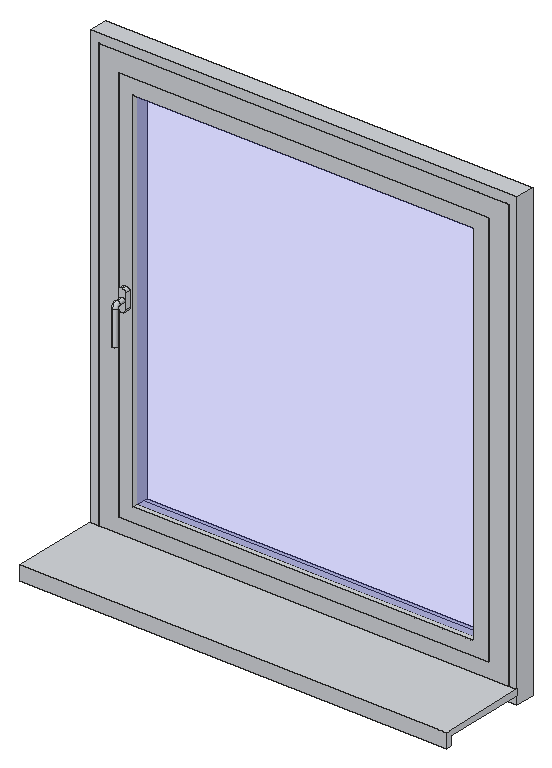
Revit family "AVLN_Окно_1 створка", category Окна, Revit 2021
Family settings
  Основа = Стена
  Номер OmniClass = 23.30.20.00
  Заголовок OmniClass = Windows
  Всегда вертикально = Да
  При загрузке вырезать с полостями = Нет
  Общий = Нет
  Точка принадлежности помещению = Нет
Parameters (values of type "Для копирования!")
  Ширина рамы = 70 mm
  Ширина импоста = 50 mm
  Четверть слева/справа = 50 mm
  Четверть низ = 0 mm  # constant formula
  Четверть верх = 50 mm
  Створка_толщина = 25 mm  # constant formula
  Толщина основы [instance] = 200 mm
  Створка_ширина = Width - Монтажный зазор_Снизу * 2 - Ширина рамы * 2  # 1300 mm
  Створка_профиль = 50 mm
  Створка_высота = Height - Монтажный зазор_Снизу * 2 - Ширина рамы * 2  # 1400 mm
  Определить тепловые свойства по = Тип схем
  Створка 01 = АВЛН_Створка открывная : Створка повороно-откидная правая
  Rough Width = Width - Монтажный зазор_Снизу * 2  # 1440 mm
  Rough Height = Height - Монтажный зазор_Снизу * 2  # 1540 mm
  Подстановочный профиль_Ширина = 20 mm  # constant formula
  Подстановочный профиль_Толщина = 60 mm
  Подоконник_Толщина = 20 mm
  Подоконник_Длина = Width  # 1500 mm
  Подоконник_Глубина = 280 mm
  Подоконник = yes
  Монтажный зазор_Справа = 30 mm
  Монтажный зазор_Слева = 30 mm
  Монтажный зазор_Сверху = 30 mm
  Глубина вставки = 0 mm
  Отлив_Толщина = 1 mm  # constant formula
  Отлив_Длина = Width - [Четверть слева/справа] * 2  # 1400 mm
  Отлив_Глубина = 280 mm
  Отлив = no
  Откос_Н.Ширина = Width - 2 * [Четверть слева/справа]  # 1400 mm
  Откос_Н.Толщина.8 = 32 mm
  Откос_Н.Толщина.7 = 28 mm
  Откос_Н.Толщина.6 = 24 mm
  Откос_Н.Толщина.5 = 20 mm
  Откос_Н.Толщина.4 = 16 mm
  Откос_Н.Толщина.3 = 12 mm
  Откос_Н.Толщина.2 = 8 mm
  Откос_Н.Толщина.1 = 4 mm
  Откос_Н.Отступ_П = 0 mm  # constant formula
  Откос_Н.Отступ_Л = 0 mm  # constant formula
  Откос_Н.Количество слоев = 0
  Откос_Н.Глубина = 150 mm
  Откос_Н.Высота = Height - Четверть верх - Четверть низ  # 1550 mm
  Откос_В.Толщина.8 = 32 mm
  Откос_В.Толщина.7 = 28 mm
  Откос_В.Толщина.6 = 24 mm
  Откос_В.Толщина.5 = 20 mm
  Откос_В.Толщина.4 = 16 mm
  Откос_В.Толщина.3 = 12 mm
  Откос_В.Толщина.2 = 8 mm
  Откос_В.Толщина.1 = 4 mm
  Откос_В.Отступ_П [instance] = Монтажный зазор_Снизу + Подоконник_Толщина  # 50 mm
  Откос_В.Отступ_Л [instance] = Монтажный зазор_Снизу + Подоконник_Толщина  # 50 mm
  Откос_В.Количество слоев = 0
  Откос_В.Глубина [instance] = Толщина основы - Глубина вставки - Ширина рамы  # 130 mm
  Монтажный зазор_Снизу = 30 mm
  М.Подоконник = none
  М.Отлив = none
  М.Откос_Н.8 = none
  М.Откос_Н.7 = none
  М.Откос_Н.6 = none
  М.Откос_Н.5 = none
  М.Откос_Н.4 = none
  М.Откос_Н.3 = none
  М.Откос_Н.2 = none
  М.Откос_Н.1 = ADSK_Полимеры_ Поливинилхлорид_(ПВХ) белый
  М.Откос_В.8 = none
  М.Откос_В.7 = none
  М.Откос_В.6 = none
  М.Откос_В.5 = none
  М.Откос_В.4 = none
  М.Откос_В.3 = none
  М.Откос_В.2 = none
  М.Откос_В.1 = ADSK_Полимеры_ Поливинилхлорид_(ПВХ) белый
  М.Монтажного зазора = none
  М.Стекла = Стекло
  М.Рамы = none
  М.Подоконный профиль = none
  Type Comments = ""
  Height = 1600 mm
  Высота подоконника по умолчанию = 800 mm
  Замыкание стены = По основе
  Width = 1500 mm
  Аналитическая конструкция = "<Нет>"
  АВЛН_Проем_Ширина [instance] = Width  # 1500 mm
  АВЛН_Проем_Высота [instance] = Height  # 1600 mm
  ADSK_Этаж [instance] = ""
  ADSK_Размер_Ширина = Width  # 1500 mm
  ADSK_Размер_Высота = Height  # 1600 mm
  ADSK_Примечание [instance] = ""
  ADSK_Площадь = Height * Width  # 2.40 m²
  ADSK_Обозначение = ""
  ADSK_Номер секции [instance] = ""
  ADSK_Наименование = ""
  ADSK_Марка = ""
  ADSK_Группирование = ""
  -----------Разрезка----------- = "-----------"  # constant formula
  -----------Профили----------- = "-----------"  # constant formula
  -----------Подоконник----------- = "-----------"  # constant formula
  -----------Отлив----------- = "-----------"  # constant formula
  -----------Откос----------- = "-----------"  # constant formula
  -----------Основные габариты----------- = "-----------"  # constant formula
  -----------Вставка----------- = "-----------"  # constant formula
Reference planes
  plane 1 "По центру (Вперед/Назад)": y = 0
  plane 2 "По центру (Влево/Вправо)": x = 0
  plane 3 "Слева": x = -750
  plane 4 "Справа": x = 750
  plane 5 "Подоконник": z = 800
  plane 6 "Заголовок": z = 2400
  plane 7 "Наружный": y = 100
  plane 8 "Внутренние": y = -100
  plane 9 "Окно": y = 100
  plane 10: x = 720
  plane 11: z = 2370
  plane 12: x = -720
  plane 13: z = 830
  plane 14: x = 700
  plane 15: x = -700
  plane 16: z = 1600
  plane 17: y = 600
  plane 18: y = -400
  plane 19: z = 2350
  plane 20 "Чет. низ": z = 800
  plane 21 "Внутряння грань": y = 30
  plane 22: y = 80
  plane 23: z = 900
  plane 24: z = 2300
  plane 25: x = -650
  plane 26: x = 650
  plane 27 "9": x = 0
Forms (mm)
  Extrusion 1, void
    sketch origin (0, 100, 0) x (1, 0, 0) y (0, 0, 1)
      loop
        line (700, 2350) -> (-700, 2350) -> (-700, 800) -> (700, 800) -> (700, 2350)
    from -500 to 20
  Extrusion 2, void
    sketch origin (0, 100, 0) x (1, 0, 0) y (0, 0, 1)
      loop
        line (750, 2400) -> (-750, 2400) -> (-750, 800) -> (750, 800) -> (750, 2400)
    from 0 to 500
  Extrusion 3, solid, material <- "М.Монтажного зазора", detail levels medium+fine
    sketch origin (0, 100, 0) x (1, 0, 0) y (0, 0, 1)
      loop
        line (750, 2400) -> (-750, 2400) -> (-750, 800) -> (750, 800) -> (750, 2400)
      loop
        line (-720, 2370) -> (-720, 830) -> (720, 830) -> (720, 2370) -> (-720, 2370)
    from 0 to 70
  Extrusion 4, solid, material <- "М.Рамы", detail levels medium+fine
    sketch origin (0, 100, 0) x (-1, 0, 0) y (0, 0, 1)
      loop
        line (-720, 2370) -> (-720, 830) -> (720, 830) -> (720, 2370) -> (-720, 2370)
      loop
        line (-650, 2300) -> (-650, 900) -> (650, 900) -> (650, 2300) -> (-650, 2300)
    from -70 to 0
Text (mm)
  text "EXTERIOR" at (-1963.203, 1332.353, 0), in view "Опорный уровень"
  text "INTERIOR" at (-1981.466, -818.386, 0), in view "Опорный уровень"
  text "Наружный" at (0, 923.751, 2943.296), in view "Справа"
  text "Наружный" at (0, 1240.237, 2685.409), in view "Слева"
Dimensions and locks
  equal spacing: plane 3 "Слева", plane 2 "По центру (Влево/Вправо)", plane 4 "Справа"
  "Width": plane 3 "Слева" to plane 4 "Справа"
  "Height": plane 5 "Подоконник" to plane 6 "Заголовок"
  "Высота подоконника по умолчанию": plane 5 "Подоконник" to level
  locked: plane 7 "Наружный" to host wall
  locked: plane 8 "Внутренние" to host wall
  "Глубина вставки": plane 9 "Окно" to plane 7 "Наружный"
  "Монтажный зазор_Справа": plane 10 to plane 4 "Справа"
  "Монтажный зазор_Слева": plane 3 "Слева" to plane 12
  "Монтажный зазор_Сверху": plane 11 to plane 6 "Заголовок"
  "Монтажный зазор_Снизу": plane 5 "Подоконник" to plane 13
  "Четверть слева/справа": plane 14 to plane 4 "Справа"
  "Четверть слева/справа": plane 3 "Слева" to plane 15
  equal spacing: plane 5 "Подоконник", plane 16, plane 6 "Заголовок"
  locked: plane 7 "Наружный" to plane 17 at 500
  locked: plane 18 to plane 8 "Внутренние" at 300
  "Четверть верх": plane 19 to plane 6 "Заголовок"
  "Четверть низ": plane 5 "Подоконник" to plane 20 "Чет. низ"
  "Ширина рамы": plane 9 "Окно" to plane 21 "Внутряння грань"
  "Толщина основы": host wall to host wall
  locked: plane 22 to plane 21 "Внутряння грань" at 50
  "Ширина рамы": plane 26 to plane 10
  "Ширина рамы": plane 12 to plane 25
  "Ширина рамы": plane 13 to plane 23
  "Ширина рамы": plane 24 to plane 11
  equal spacing: plane 3 "Слева", plane 27 "9", plane 4 "Справа"
  aligned and locked: Extrusion 1 sketch curve to plane 14
  aligned and locked: plane 15 to Extrusion 1 sketch curve
  aligned and locked: plane 17 to Extrusion 1
  aligned and locked: Extrusion 2 sketch curve to plane 6 "Заголовок"
  aligned and locked: Extrusion 2 sketch curve to plane 4 "Справа"
  aligned and locked: plane 5 "Подоконник" to Extrusion 2 sketch curve
  aligned and locked: plane 3 "Слева" to Extrusion 2 sketch curve
  aligned and locked: plane 9 "Окно" to Extrusion 2
  aligned and locked: Extrusion 2 to plane 18
  aligned and locked: Extrusion 1 sketch curve to plane 19
  aligned and locked: plane 20 "Чет. низ" to Extrusion 1 sketch curve
  aligned and locked: plane 9 "Окно" to nested 1
  aligned and locked: plane 2 "По центру (Влево/Вправо)" to nested 1
  aligned and locked: nested 2 to plane 21 "Внутряння грань"
  aligned and locked: nested 2 to plane 2 "По центру (Влево/Вправо)"
  aligned and locked: nested 3 to plane 2 "По центру (Влево/Вправо)"
  aligned and locked: plane 8 "Внутренние" to nested 3
  aligned and locked: nested 4 to plane 9 "Окно"
  aligned and locked: Extrusion 3 sketch curve to plane 6 "Заголовок"
  aligned and locked: Extrusion 3 sketch curve to plane 4 "Справа"
  aligned and locked: Extrusion 3 sketch curve to nested 2  (x2)
  aligned and locked: Extrusion 3 sketch curve to plane 11
  aligned and locked: Extrusion 3 sketch curve to plane 12
  aligned and locked: Extrusion 3 sketch curve to plane 13
  aligned and locked: plane 10 to Extrusion 3 sketch curve
  aligned and locked: Extrusion 3 to nested 2
  aligned and locked: plane 12 to Extrusion 4 sketch curve
  aligned and locked: plane 13 to Extrusion 4 sketch curve
  aligned and locked: Extrusion 4 sketch curve to plane 24
  aligned and locked: Extrusion 4 sketch curve to plane 11
  aligned and locked: plane 20 "Чет. низ" to nested 4
  aligned and locked: nested 4 to plane 2 "По центру (Влево/Вправо)"
  aligned and locked: plane 9 "Окно" to Extrusion 3
  aligned and locked: Extrusion 4 to plane 21 "Внутряння грань"
  aligned and locked: plane 9 "Окно" to Extrusion 4
  aligned and locked: Extrusion 1 to plane 22
  aligned and locked: Extrusion 4 sketch curve to plane 10
  aligned and locked: Extrusion 4 sketch curve to plane 26
  aligned and locked: plane 23 to Extrusion 4
  aligned and locked: plane 16 to nested 5
  aligned and locked: plane 27 "9" to nested 5
Automatic sketch dimensions
  plane 25 to Extrusion 4 sketch curve = 0 mm
  Extrusion 4 sketch curve to plane 23 = 0 mm
Nested families
  nested 1: "Отлив" at (0, 100, 800) x (-1, 0, 0) z (0, 0, 1), Глубина отлива <- "Отлив_Глубина", Длина отлива <- "Отлив_Длина", ТО <- "Отлив_Толщина", Ш_МЗЗ <- "Монтажный зазор_Снизу", Ш_ПП <- "Подстановочный профиль_Ширина", ADSK_Группирование <- "ADSK_Группирование", ADSK_Номер секции <- "ADSK_Номер секции", ADSK_Этаж <- "ADSK_Этаж", visible <- "Отлив", М <- "М.Отлив", type "Отлив", detail levels fine
    with Ш_ПП 20 mm, Ш_МЗЗ 30 mm, ТО 1 mm, М none, Длина отлива 1400 mm, Глубина отлива 280 mm, ADSK_Этаж "", ADSK_Примечание "", ADSK_Обозначение "", ADSK_Номер секции "", ADSK_Наименование "", ADSK_Марка "", ADSK_Группирование ""
  nested 2: "Подоконник" at (0, 30, 800), Глубина подоконника <- "Подоконник_Глубина", Длина отлива <- "Подоконник_Длина", ТП <- "Подоконник_Толщина", Ш_МЗЗ <- "Монтажный зазор_Снизу", Ш_ПП <- "Подстановочный профиль_Ширина", ADSK_Группирование <- "ADSK_Группирование", ADSK_Номер секции <- "ADSK_Номер секции", ADSK_Этаж <- "ADSK_Этаж", visible <- "Подоконник", М <- "М.Подоконник", type "Подоконник", detail levels fine
    with Ш_ПП 20 mm, Ш_МЗЗ 30 mm, ТП 20 mm, М none, Длина отлива 1500 mm, Глубина подоконника 280 mm, ADSK_Этаж "", ADSK_Примечание "", ADSK_Обозначение "", ADSK_Номер секции "", ADSK_Наименование "", ADSK_Марка "", ADSK_Группирование ""
  nested 3: "AVLN_Откосы_R19" at (0, -100, 0), Глубина <- "Откос_В.Глубина", Высота от уровня <- "Высота подоконника по умолчанию", ADSK_Группирование <- "Type Comments", ADSK_Этаж <- "ADSK_Этаж", ADSK_Номер секции <- "ADSK_Номер секции", Материал_1 <- "М.Откос_В.1", Материал_2 <- "М.Откос_В.2", Материал_3 <- "М.Откос_В.3", Материал_4 <- "М.Откос_В.4", Материал_5 <- "М.Откос_В.5", Материал_6 <- "М.Откос_В.6", Материал_7 <- "М.Откос_В.7", Материал_8 <- "М.Откос_В.8", Толщина_1 <- "Откос_В.Толщина.1", Толщина_2 <- "Откос_В.Толщина.2", Толщина_3 <- "Откос_В.Толщина.3", Толщина_4 <- "Откос_В.Толщина.4", Толщина_5 <- "Откос_В.Толщина.5", Толщина_6 <- "Откос_В.Толщина.6", Толщина_7 <- "Откос_В.Толщина.7", Толщина_8 <- "Откос_В.Толщина.8", Количество слоев <- "Откос_В.Количество слоев", Отступ_Л <- "Откос_В.Отступ_Л", Отступ_П <- "Откос_В.Отступ_П", Высота <- "Height", Ширина <- "Width", type "AVLN_Откосы_R19"
    with Ширина_8 1276 mm, Ширина_7 1332 mm, Ширина_6 1380 mm, Ширина_5 1420 mm, Ширина_4 1452 mm, Ширина_3 1476 mm, Ширина_2 1492 mm, Ширина 1500 mm, Толщина_8 32 mm, Толщина_7 28 mm, Толщина_6 24 mm, Толщина_5 20 mm, Толщина_4 16 mm, Толщина_3 12 mm, Толщина_2 8 mm, Толщина_1 4 mm, Отступ_П 50 mm, Отступ_Л 50 mm, Материал_8 none, Материал_7 none, Материал_6 none, Материал_5 none, Материал_4 none, Материал_3 none, Материал_2 none, Материал_1 ADSK_Полимеры_ Поливинилхлорид_(ПВХ) белый, Количество слоев 0, Глубина 130 mm, Высота_8 1488 mm, Высота_7 1516 mm, Высота_6 1540 mm, Высота_5 1560 mm, Высота_4 1576 mm, Высота_3 1588 mm, Высота_2 1596 mm, Высота от уровня 800 mm, Высота 1600 mm, Видимость_8 no, Видимость_7 no, Видимость_6 no, Видимость_5 no, Видимость_4 no, Видимость_3 no, Видимость_2 no, Видимость_1 no, ADSK_Этаж "", ADSK_Номер секции "", ADSK_Группирование ""
  nested 4: "AVLN_Откосы_R19" at (0, 100, 0), Ширина <- "Откос_Н.Ширина", Глубина <- "Откос_Н.Глубина", Высота <- "Откос_Н.Высота", Высота от уровня <- "Высота подоконника по умолчанию", ADSK_Группирование <- "Type Comments", ADSK_Этаж <- "ADSK_Этаж", ADSK_Номер секции <- "ADSK_Номер секции", Материал_1 <- "М.Откос_Н.1", Материал_2 <- "М.Откос_Н.2", Материал_3 <- "М.Откос_Н.3", Материал_4 <- "М.Откос_Н.4", Материал_5 <- "М.Откос_Н.5", Материал_6 <- "М.Откос_Н.6", Материал_7 <- "М.Откос_Н.7", Материал_8 <- "М.Откос_Н.8", Толщина_1 <- "Откос_Н.Толщина.1", Толщина_2 <- "Откос_Н.Толщина.2", Толщина_3 <- "Откос_Н.Толщина.3", Толщина_4 <- "Откос_Н.Толщина.4", Толщина_5 <- "Откос_Н.Толщина.5", Толщина_6 <- "Откос_Н.Толщина.6", Толщина_7 <- "Откос_Н.Толщина.7", Толщина_8 <- "Откос_Н.Толщина.8", Количество слоев <- "Откос_Н.Количество слоев", Отступ_Л <- "Откос_Н.Отступ_Л", Отступ_П <- "Откос_Н.Отступ_П", type "AVLN_Откосы_R19"
    with Ширина_8 1176 mm, Ширина_7 1232 mm, Ширина_6 1280 mm, Ширина_5 1320 mm, Ширина_4 1352 mm, Ширина_3 1376 mm, Ширина_2 1392 mm, Ширина 1400 mm, Толщина_8 32 mm, Толщина_7 28 mm, Толщина_6 24 mm, Толщина_5 20 mm, Толщина_4 16 mm, Толщина_3 12 mm, Толщина_2 8 mm, Толщина_1 4 mm, Отступ_П 0 mm, Отступ_Л 0 mm, Материал_8 none, Материал_7 none, Материал_6 none, Материал_5 none, Материал_4 none, Материал_3 none, Материал_2 none, Материал_1 ADSK_Полимеры_ Поливинилхлорид_(ПВХ) белый, Количество слоев 0, Глубина 150 mm, Высота_8 1438 mm, Высота_7 1466 mm, Высота_6 1490 mm, Высота_5 1510 mm, Высота_4 1526 mm, Высота_3 1538 mm, Высота_2 1546 mm, Высота от уровня 800 mm, Высота 1550 mm, Видимость_8 no, Видимость_7 no, Видимость_6 no, Видимость_5 no, Видимость_4 no, Видимость_3 no, Видимость_2 no, Видимость_1 no, ADSK_Этаж "", ADSK_Номер секции "", ADSK_Группирование ""
  nested 5: "АВЛН_Створка открывная" at (0, 30, 1600) x (1, 0, 0) z (0, 1, 0), type <- "Створка 01", Створка высота <- "Створка_высота", Створка ширина <- "Створка_ширина", Ширина рамы <- "Створка_профиль", Материал_Ручки <- "М.Рамы", Материал_Рама <- "М.Рамы", Материал_Стеклопакет <- "М.Стекла", type "Створка повороно-откидная правая", detail levels medium+fine
    with Ширина рамы 50 mm, Створка ширина 1300 mm, Створка высота 1400 mm, Материал_Стеклопакет Стекло, Материал_Ручки none, Материал_Рама none, Height 1400 mm
Definition of nested family "Отлив"
  Parameters (values of type "Отлив")
    Ш_ПП [instance] = 50 mm
    Ш_МЗЗ [instance] = 35 mm
    ТО [instance] = 1 mm
    Default Elevation = 1219.2 mm
    М [instance] = none
    Длина отлива [instance] = 1560 mm
    Глубина отлива [instance] = 280 mm
    ADSK_Этаж [instance] = ""
    ADSK_Примечание [instance] = ""
    ADSK_Обозначение [instance] = ""
    ADSK_Номер секции [instance] = ""
    ADSK_Наименование [instance] = ""
    ADSK_Марка [instance] = ""
    ADSK_Группирование [instance] = ""
  Reference planes
    plane 1 "По центру (Вперед/Назад)": y = 0
    plane 2: z = 0
    plane 3 "По центру (Влево/Вправо)": x = 0
    plane 4: y = -280
    plane 5: x = -780
    plane 6: x = 780
    plane 7: z = 35
    plane 8: z = 85
    plane 9: y = -1
    plane 10: y = -300
    plane 11: y = -301
    plane 12: z = -35
    plane 13: z = 34
  Forms (mm)
    Extrusion 1, solid, material <- "М"
      sketch origin (0, 0, 0) x (0, 1, 0) y (0, 0, 1)
        loop
          line (0, 85) -> (-1, 85) -> (-1, 34.893) -> (-301, 0.893) -> (-301, -35) -> (-300, -35) -> (-300, 0) -> (0, 34) -> (0, 85)
      from -780 to 780
  Dimensions and locks
    equal spacing: plane 5, plane 3 "По центру (Влево/Вправо)", plane 6
    "Длина отлива": plane 5 to plane 6
    "Глубина отлива": plane 4 to plane 1 "По центру (Вперед/Назад)"
    "Ш_МЗЗ": plane 7 to level
    "Ш_ПП": plane 8 to plane 7
    "ТО": plane 1 "По центру (Вперед/Назад)" to plane 9
    "ТО": plane 10 to plane 11
    locked: level to plane 12 at 35
    "ТО": plane 7 to plane 13
    "ТО": Extrusion 1 sketch curve to Extrusion 1 sketch curve
    locked: plane 4 to plane 10 at 20
    aligned and locked: level to plane 2
    aligned and locked: plane 8 to Extrusion 1 sketch curve
    aligned and locked: plane 9 to Extrusion 1 sketch curve
    aligned and locked: plane 11 to Extrusion 1 sketch curve
    aligned and locked: plane 12 to Extrusion 1 sketch curve
    aligned and locked: plane 1 "По центру (Вперед/Назад)" to Extrusion 1 sketch curve  (x2)
    aligned and locked: plane 13 to Extrusion 1 sketch curve
    aligned and locked: level to Extrusion 1 sketch curve
    aligned and locked: plane 10 to Extrusion 1 sketch curve
    aligned and locked: plane 6 to Extrusion 1
    aligned and locked: Extrusion 1 to plane 5
Definition of nested family "Подоконник"
  Parameters (values of type "Подоконник")
    Ш_ПП [instance] = 50 mm
    Ш_МЗЗ [instance] = 35 mm
    ТП [instance] = 20 mm
    Default Elevation = 1219.2 mm
    М [instance] = none
    Длина отлива [instance] = 1560 mm
    Глубина подоконника [instance] = 280 mm
    ADSK_Этаж [instance] = ""
    ADSK_Примечание [instance] = ""
    ADSK_Обозначение [instance] = ""
    ADSK_Номер секции [instance] = ""
    ADSK_Наименование [instance] = ""
    ADSK_Марка [instance] = ""
    ADSK_Группирование [instance] = ""
  Reference planes
    plane 1 "По центру (Вперед/Назад)": y = 0
    plane 2: z = 0
    plane 3 "По центру (Влево/Вправо)": x = 0
    plane 4: y = -280
    plane 5: x = -780
    plane 6: x = 780
    plane 7: z = 35
    plane 8: z = 85
    plane 9: y = -20
    plane 10: y = -290
    plane 11: y = -310
    plane 12: z = -35
    plane 13: z = 15
    plane 14: z = 65
  Forms (mm)
    Extrusion 1, solid, material <- "М"
      sketch origin (0, 0, 0) x (0, 1, 0) y (0, 0, 1)
        loop
          line (0, 85) -> (-310, 85) -> (-310, 0) -> (-290, 0) -> (-290, 65) -> (0, 65) -> (0, 85)
      from -780 to 780
  Dimensions and locks
    equal spacing: plane 5, plane 3 "По центру (Влево/Вправо)", plane 6
    "Длина отлива": plane 5 to plane 6
    "Глубина подоконника": plane 4 to plane 1 "По центру (Вперед/Назад)"
    "Ш_МЗЗ": plane 7 to level
    "Ш_ПП": plane 8 to plane 7
    "ТП": plane 1 "По центру (Вперед/Назад)" to plane 9
    "ТП": plane 10 to plane 11
    locked: level to plane 12 at 35
    "ТП": plane 7 to plane 13
    locked: plane 4 to plane 10 at 10
    "ТП": plane 8 to plane 14
    aligned and locked: level to plane 2
    aligned and locked: plane 8 to Extrusion 1 sketch curve
    aligned and locked: plane 1 "По центру (Вперед/Назад)" to Extrusion 1 sketch curve
    aligned and locked: plane 10 to Extrusion 1 sketch curve
    aligned and locked: plane 11 to Extrusion 1 sketch curve
    aligned and locked: level to Extrusion 1 sketch curve
    aligned and locked: plane 14 to Extrusion 1 sketch curve
    aligned and locked: Extrusion 1 to plane 5
    aligned and locked: plane 6 to Extrusion 1
Definition of nested family "АВЛН_Створка открывная"
  Parameters (values of type "Створка повороно-откидная правая")
    Ширина рамы [instance] = 50 mm
    Width = 600 mm
    Створка ширина [instance] = 800 mm
    Створка высота [instance] = 700 mm
    Материал_Стеклопакет [instance] = none
    Поворотная Правая = yes
    Поворотная Левая = no
    Default Elevation = 1219.2 mm
    Открываная = yes
    Откидная = yes
    Материал_Ручки [instance] = none
    Материал_Рама [instance] = none
    Левая = yes
    Глухое = no
    Height = 1150 mm
    Analytic Construction = "<Нет>"
  Types (6, lengths in mm): name | Width | Поворотная Правая | Поворотная Левая | Открываная | Откидная | Глухое | Height
    Створка повороно-откидная правая | 600 | yes | no | yes | yes | no | 1150
    Створка повороно-откидная левая | 600 | no | yes | yes | yes | no | 1150
    Створка глухая | 600 | no | no | no | no | yes | 1150
    Створка откидная | 1300 | no | no | yes | yes | no | 1700
    Створка поворотная правая | 600 | yes | no | yes | no | no | 1150
    Створка поворотная левая | 600 | no | yes | yes | no | no | 1150
  Reference planes
    plane 1 "По центру (Вперед/Назад)": y = 0
    plane 2 "Внутрення грань": z = 0
    plane 3 "По центру (Влево/Вправо)": x = 0
    plane 4: y = 350
    plane 5: x = 400
    plane 6: y = -350
    plane 7: x = -400
    plane 8 "Наружняя грань": z = 60.433
    plane 9 "По центру Л/Р": z = 30.216
  Forms (mm)
    Extrusion 1, solid
      sketch origin (0, 0, 0) x (1, 0, 0) y (0, 1, 0)
        loop
          line (-1219.2, 1219.2) -> (-1219.2, -1219.2) -> (1219.2, -1219.2) -> (1219.2, 1219.2) -> (-1219.2, 1219.2)
      from 0 to -304.8
    Sweep 2, solid, material <- "Материал_Рама", visible <- "Открываная"
      path origin (0, 0, 0) x (1, 0, 0) y (0, 1, 0)
        loop
          line (400, 350) -> (-400, 350) -> (-400, -350) -> (400, -350) -> (400, 350)
      profile origin (0, 350, 0) x (0, -1, 0) y (0, 0, 1)
        loop
          line (0, 0) -> (50, 0) -> (50, 60.433) -> (0, 60.433) -> (0, 0)
    Extrusion 3, solid, material <- "Материал_Стеклопакет", visible <- "Открываная"
      sketch origin (0, 0, 0) x (1, 0, 0) y (0, 1, 0)
        loop
          line (-350, 300) -> (-350, -300) -> (350, -300) -> (350, 300) -> (-350, 300)
      from 17.481 to 42.952
    Extrusion 4, solid, material <- "Материал_Стеклопакет", visible <- "Глухое"
      sketch origin (0, 0, 0) x (1, 0, 0) y (0, 1, 0)
        loop
          line (-400, 350) -> (-400, -350) -> (400, -350) -> (400, 350) -> (-400, 350)
      from 17.481 to 42.952
  Lines and regions (mm)
    model lines, visible <- "Глухое", detail levels medium+fine
      curve 1: line (0, 50, 60.433) -> (0, -50, 60.433)
      curve 2: line (50, 0, 60.433) -> (-50, 0, 60.433)
      curve 17: line (0, 50, 0) -> (0, -50, 0)
      curve 18: line (50, 0, 0) -> (-50, 0, 0)
    model lines, visible <- "Глухое", not visible, detail levels medium+fine
      curve 3: line (60, 38.001, 60.433) -> (60, -61.999, 60.433)
      curve 4: line (110, -11.999, 60.433) -> (10, -11.999, 60.433)
    model lines, visible <- "Поворотная Правая", detail levels medium+fine
      curve 5: line (400, 350, 0) -> (-400, 0, 0)
      curve 6: line (400, -350, 0) -> (-400, 0, 0)
      curve 13: line (400, 350, 60.433) -> (-400, 0, 60.433)
      curve 14: line (400, -350, 60.433) -> (-400, 0, 60.433)
    model lines, visible <- "Откидная", detail levels medium+fine
      curve 7: line (-400, -350, 0) -> (0, 350, 0)
      curve 8: line (0, 350, 0) -> (400, -350, 0)
      curve 15: line (-400, -350, 60.433) -> (0, 350, 60.433)
      curve 16: line (0, 350, 60.433) -> (400, -350, 60.433)
    model lines, visible <- "Поворотная Левая", detail levels medium+fine
      curve 9: line (-400, 350, 0) -> (400, 0, 0)
      curve 10: line (-400, -350, 0) -> (400, 0, 0)
      curve 11: line (-400, 350, 60.433) -> (400, 0, 60.433)
      curve 12: line (-400, -350, 60.433) -> (400, 0, 60.433)
  Dimensions and locks
    "Створка высота": plane 4 to plane 6
    "Створка ширина": plane 7 to plane 5
    equal spacing: plane 7, plane 3 "По центру (Влево/Вправо)", plane 5
    equal spacing: plane 6, plane 1 "По центру (Вперед/Назад)", plane 4
    plane 2 "Внутрення грань" to plane 8 "Наружняя грань" = 60.433 mm
    level to Extrusion 4 = 42.952 mm
    plane 8 "Наружняя грань" to level = 60.433 mm
    equal spacing: Extrusion 3, plane 9 "По центру Л/Р", Extrusion 3
    equal spacing: plane 8 "Наружняя грань", plane 9 "По центру Л/Р", level
    Extrusion 3 to Extrusion 3 = 25.471 mm
    "Ширина рамы": profile plane to Sweep 2 sketch curve
    equal spacing: Extrusion 4, plane 9 "По центру Л/Р", Extrusion 4, locked at 12.735 each
    locked: Extrusion 4 to Extrusion 4 at 25.471
    equal spacing: Sweep 2, nested 1, Sweep 2
    equal spacing: Sweep 2, nested 2, Sweep 2
    aligned and locked: plane 2 "Внутрення грань" to Extrusion 1
    aligned and locked: level to Extrusion 1
    aligned and locked: plane 4 to Sweep 2 sketch curve
    aligned and locked: plane 5 to Sweep 2 sketch curve
    aligned and locked: plane 6 to Sweep 2 sketch curve
    aligned and locked: Sweep 2 sketch curve to plane 7
    aligned and locked: Extrusion 3 sketch curve to Sweep 2  (x4)
    aligned and locked: Extrusion 4 sketch curve to Sweep 2  (x3)
    aligned and locked: Extrusion 4 sketch curve to plane 5
    aligned and locked: Sweep 2 sketch curve to plane 8 "Наружняя грань"
    aligned and locked: plane 6 to Extrusion 4
    aligned and locked: plane 4 to Extrusion 4
    aligned and locked: curve 2 to plane 1 "По центру (Вперед/Назад)"
    aligned and locked: curve 1 to plane 3 "По центру (Влево/Вправо)"
    aligned and locked: curve 18 to plane 1 "По центру (Вперед/Назад)"
    aligned and locked: curve 17 to plane 3 "По центру (Влево/Вправо)"
    aligned and locked: nested 2 to plane 1 "По центру (Вперед/Назад)"
    aligned and locked: nested 1 to plane 1 "По центру (Вперед/Назад)"
  Automatic sketch dimensions
    Extrusion 1 sketch curve to Extrusion 1 sketch curve = 2438.4 mm  (x2)
    plane 1 "По центру (Вперед/Назад)" to curve 5 = 0 mm
    curve 5 to plane 7 = 0 mm
    curve 9 to plane 4 = 0 mm
    curve 9 to plane 7 = 0 mm
    plane 6 to curve 7 = 0 mm
    curve 7 to plane 7 = 0 mm
    curve 7 to plane 3 "По центру (Влево/Вправо)" = 0 mm
    curve 6 to plane 5 = 0 mm
    plane 1 "По центру (Вперед/Назад)" to curve 9 = 0 mm
    curve 9 to plane 5 = 0 mm
    curve 5 to plane 4 = 0 mm
    curve 5 to plane 5 = 0 mm
    plane 6 to curve 8 = 0 mm
    curve 8 to plane 4 = 0 mm
    curve 11 to plane 4 = 0 mm
    curve 11 to plane 7 = 0 mm
    plane 6 to curve 15 = 0 mm
    curve 15 to plane 7 = 0 mm
    plane 1 "По центру (Вперед/Назад)" to curve 14 = 0 mm
    curve 14 to plane 7 = 0 mm
    curve 15 to plane 3 "По центру (Влево/Вправо)" = 0 mm
    plane 1 "По центру (Вперед/Назад)" to curve 11 = 0 mm
    curve 11 to plane 5 = 0 mm
    curve 14 to plane 5 = 0 mm
    curve 13 to plane 4 = 0 mm
    curve 13 to plane 5 = 0 mm
    plane 6 to curve 14 = 0 mm
    curve 15 to plane 4 = 0 mm
    plane 1 "По центру (Вперед/Назад)" to curve 2 = 0 mm
    curve 1 to plane 3 "По центру (Влево/Вправо)" = 0 mm
    curve 2 to plane 3 "По центру (Влево/Вправо)" = 50 mm
    plane 3 "По центру (Влево/Вправо)" to curve 2 = 50 mm
    plane 1 "По центру (Вперед/Назад)" to curve 1 = 50 mm
    curve 1 to plane 1 "По центру (Вперед/Назад)" = 50 mm
    curve 18 to curve 17 = 50 mm
    curve 17 to curve 18 = 50 mm
    plane 1 "По центру (Вперед/Назад)" to curve 17 = 50 mm
    curve 17 to plane 1 "По центру (Вперед/Назад)" = 50 mm
    Sweep 2 sketch curve to level = 0 mm
    Sweep 2 sketch curve to profile plane = 0 mm
  Nested families
    nested 1: "АВЛН_Ручка" at (375, 1040, 0) x (1, 0, 0) z (0, -1, 0), visible <- "Поворотная Левая", Материал дверной ручки <- "Материал_Рама", type "АВЛН_Ручка", detail levels fine
      with Материал дверной ручки none, Высота расположения дверной ручки 1040 mm
    nested 2: "АВЛН_Ручка" at (-375, 1040, 0) x (1, 0, 0) z (0, -1, 0), visible <- "Поворотная Правая", Материал дверной ручки <- "Материал_Рама", type "АВЛН_Ручка", detail levels fine
      with Материал дверной ручки none, Высота расположения дверной ручки 1040 mm
  Definition of nested family "АВЛН_Ручка"
    Parameters (values of type "АВЛН_Ручка")
      Default Elevation = 1219.2 mm
      Материал дверной ручки [instance] = none
      Высота расположения дверной ручки [instance] = 1040 mm
      Analytic Construction = "<Нет>"
      b = 25 mm
      a = 75 mm
    Reference planes
      plane 1 "По центру (Вперед/Назад)": y = 0
      plane 2: z = 0
      plane 3 "По центру (Влево/Вправо)": x = 0
      plane 4: z = 1040
      plane 5: x = 12.5
      plane 6: x = -12.5
      plane 7: z = 1002.5
      plane 8: z = 1077.5
      plane 9: y = -15
    Forms (mm)
      Extrusion 1, solid, material <- "Материал дверной ручки"
        sketch origin (0, 0, 2080) x (-1, 0, 0) y (0, 0, -1)
          loop
            arc (-2.5, 1077.5) -> (-9.571, 1074.571) -> (-12.5, 1067.5) r 10
            line (-12.5, 1067.5) -> (-12.5, 1012.5)
            arc (-12.5, 1012.5) -> (-9.571, 1005.429) -> (-2.5, 1002.5) r 10
            line (-2.5, 1002.5) -> (2.5, 1002.5)
            arc (2.5, 1002.5) -> (9.571, 1005.429) -> (12.5, 1012.5) r 10
            line (12.5, 1012.5) -> (12.5, 1067.5)
            arc (12.5, 1067.5) -> (9.571, 1074.571) -> (2.5, 1077.5) r 10
            line (2.5, 1077.5) -> (-2.5, 1077.5)
        from 0 to 15
      Sweep 2, solid, material <- "Материал дверной ручки"
        path origin (-1040, 0, 1040) x (0, 0, -1) y (0, 1, 0)
          loop
            line (0, -15) -> (0, -38.261)
            arc (0, -38.261) -> (-2.929, -45.332) -> (-10, -48.261) r 10
            line (-10, -48.261) -> (-130, -48.261)
        profile origin (-1040, -26.63, 1040) x (0, 0, -1) y (1, 0, 0)
          loop
            circle (0, 1040) r 8
    Dimensions and locks
      "Высота расположения дверной ручки": plane 4 to level
      "a": plane 7 to plane 8
      "b": plane 6 to plane 5
      plane 6 to plane 5 = 25 mm
      locked: plane 1 "По центру (Вперед/Назад)" to plane 9 at 15
      plane 7 to plane 8 = 75 mm
      aligned and locked: level to plane 2
      aligned and locked: Extrusion 1 sketch curve to plane 7
      aligned and locked: plane 5 to Extrusion 1 sketch curve
      aligned and locked: plane 8 to Extrusion 1 sketch curve
      aligned and locked: Extrusion 1 sketch curve to plane 6
      aligned and locked: Extrusion 1 to plane 1 "По центру (Вперед/Назад)"
    Automatic sketch dimensions
      Sweep 2 sketch curve to plane 9 = 0 mm
      plane 4 to Sweep 2 sketch curve = 10 mm
      plane 9 to Sweep 2 sketch curve = 23.261 mm
      Sweep 2 sketch curve to Sweep 2 sketch curve = 120 mm
      Sweep 2 sketch curve to profile plane = 0 mm
      profile plane to Sweep 2 sketch curve = 1040 mm
      Sweep 2 sketch curve to plane 4 = 0 mm
      plane 3 "По центру (Влево/Вправо)" to Extrusion 1 sketch curve = 2.5 mm  (x2)
      Extrusion 1 sketch curve to plane 3 "По центру (Влево/Вправо)" = 2.5 mm  (x2)
      radius of Sweep 2 sketch curve = 8 mm
Definition of nested family "AVLN_Откосы_R19"
  Parameters (values of type "AVLN_Откосы_R19")
    Ширина_8 [instance] = Ширина_7 - Толщина_7 * 2  # 776 mm
    Ширина_7 [instance] = Ширина_6 - Толщина_6 * 2  # 832 mm
    Ширина_6 [instance] = Ширина_5 - Толщина_5 * 2  # 880 mm
    Ширина_5 [instance] = Ширина_4 - Толщина_4 * 2  # 920 mm
    Ширина_4 [instance] = Ширина_3 - Толщина_3 * 2  # 952 mm
    Ширина_3 [instance] = Ширина_2 - Толщина_2 * 2  # 976 mm
    Ширина_2 [instance] = Ширина - Толщина_1 * 2  # 992 mm
    Ширина [instance] = 1000 mm
    Толщина_8 [instance] = 32 mm
    Толщина_7 [instance] = 28 mm
    Толщина_6 [instance] = 24 mm
    Толщина_5 [instance] = 20 mm
    Толщина_4 [instance] = 16 mm
    Толщина_3 [instance] = 12 mm
    Толщина_2 [instance] = 8 mm
    Толщина_1 [instance] = 4 mm
    Отступ_П [instance] = 0 mm
    Отступ_Л [instance] = 0 mm
    Default Elevation = 1219.2 mm
    Материал_8 [instance] = none
    Материал_7 [instance] = none
    Материал_6 [instance] = none
    Материал_5 [instance] = none
    Материал_4 [instance] = none
    Материал_3 [instance] = none
    Материал_2 [instance] = none
    Материал_1 [instance] = none
    Type Comments = ""
    Количество слоев [instance] = 8
    Глубина [instance] = 200 mm
    Высота_8 [instance] = Высота_7 - Толщина_7  # 1388 mm
    Высота_7 [instance] = Высота_6 - Толщина_6  # 1416 mm
    Высота_6 [instance] = Высота_5 - Толщина_5  # 1440 mm
    Высота_5 [instance] = Высота_4 - Толщина_4  # 1460 mm
    Высота_4 [instance] = Высота_3 - Толщина_3  # 1476 mm
    Высота_3 [instance] = Высота_2 - Толщина_2  # 1488 mm
    Высота_2 [instance] = Высота - Толщина_1  # 1496 mm
    Высота от уровня [instance] = 377.189 mm
    Высота [instance] = 1500 mm
    Видимость_8 [instance] = Количество слоев > 7  # yes
    Видимость_7 [instance] = Количество слоев > 6  # yes
    Видимость_6 [instance] = Количество слоев > 5  # yes
    Видимость_5 [instance] = Количество слоев > 4  # yes
    Видимость_4 [instance] = Количество слоев > 3  # yes
    Видимость_3 [instance] = Количество слоев > 2  # yes
    Видимость_2 [instance] = Количество слоев > 1  # yes
    Видимость_1 [instance] = Количество слоев > 0  # yes
    ADSK_Этаж [instance] = ""
    ADSK_Номер секции [instance] = ""
    ADSK_Группирование [instance] = ""
  Reference planes
    plane 1 "По центру (Вперед/Назад)": y = 0
    plane 2: z = 0
    plane 3 "По центру (Влево/Вправо)": x = 0
    plane 4: y = 200
    plane 5: z = 377.189
  Dimensions and locks
    "Глубина": plane 4 to plane 1 "По центру (Вперед/Назад)"
    "Высота от уровня": plane 5 to level
    aligned and locked: level to plane 2
    aligned and locked: plane 3 "По центру (Влево/Вправо)" to nested 1
    aligned and locked: nested 1 to plane 1 "По центру (Вперед/Назад)"
    aligned and locked: plane 3 "По центру (Влево/Вправо)" to nested 2
    aligned and locked: nested 2 to plane 1 "По центру (Вперед/Назад)"
    aligned and locked: plane 3 "По центру (Влево/Вправо)" to nested 3
    aligned and locked: nested 3 to plane 1 "По центру (Вперед/Назад)"
    aligned and locked: plane 3 "По центру (Влево/Вправо)" to nested 4
    aligned and locked: nested 4 to plane 1 "По центру (Вперед/Назад)"
    aligned and locked: plane 3 "По центру (Влево/Вправо)" to nested 5
    aligned and locked: nested 5 to plane 1 "По центру (Вперед/Назад)"
    aligned and locked: plane 3 "По центру (Влево/Вправо)" to nested 6
    aligned and locked: nested 6 to plane 1 "По центру (Вперед/Назад)"
    aligned and locked: plane 3 "По центру (Влево/Вправо)" to nested 7
    aligned and locked: nested 7 to plane 1 "По центру (Вперед/Назад)"
    aligned and locked: plane 3 "По центру (Влево/Вправо)" to nested 8
    aligned and locked: nested 8 to plane 1 "По центру (Вперед/Назад)"
  Nested families
    nested 1: "Откос_R1" at (0, 100, 377.189), ADSK_Размер_Глубина <- "Глубина", built-in parameter 1001364 <- "Высота от уровня", ADSK_Группирование <- "ADSK_Группирование", ADSK_Номер секции <- "ADSK_Номер секции", ADSK_Этаж <- "ADSK_Этаж", visible <- "Видимость_1", Видимость <- "Видимость_1", Материал <- "Материал_1", ADSK_Размер_Высота <- "Высота", ADSK_Размер_Толщина <- "Толщина_1", ADSK_Размер_Ширина <- "Ширина", Отступ_Л <- "Отступ_Л", Отступ_П <- "Отступ_П", type "Откос_R19"
      with Площадь 0.80 m², Отступ_П 0 mm, Отступ_Л 0 mm, Материал none, Видимость yes, ADSK_Этаж "", ADSK_Размер_Ширина 1000 mm, ADSK_Размер_Толщина 4 mm, ADSK_Размер_Глубина 200 mm, ADSK_Размер_Высота 1500 mm, ADSK_Номер секции "", ADSK_Группирование ""
    nested 2: "Откос_R1" at (0, 100, 377.189), ADSK_Размер_Глубина <- "Глубина", built-in parameter 1001364 <- "Высота от уровня", ADSK_Группирование <- "ADSK_Группирование", ADSK_Номер секции <- "ADSK_Номер секции", ADSK_Этаж <- "ADSK_Этаж", visible <- "Видимость_2", Видимость <- "Видимость_2", Материал <- "Материал_2", ADSK_Размер_Высота <- "Высота_2", ADSK_Размер_Толщина <- "Толщина_2", ADSK_Размер_Ширина <- "Ширина_2", Отступ_Л <- "Отступ_Л", Отступ_П <- "Отступ_П", type "Откос_R19"
      with Площадь 0.7968 m², Отступ_П 0 mm, Отступ_Л 0 mm, Материал none, Видимость yes, ADSK_Этаж "", ADSK_Размер_Ширина 992 mm, ADSK_Размер_Толщина 8 mm, ADSK_Размер_Глубина 200 mm, ADSK_Размер_Высота 1496 mm, ADSK_Номер секции "", ADSK_Группирование ""
    nested 3: "Откос_R1" at (0, 100, 377.189), ADSK_Размер_Глубина <- "Глубина", built-in parameter 1001364 <- "Высота от уровня", ADSK_Группирование <- "ADSK_Группирование", ADSK_Номер секции <- "ADSK_Номер секции", ADSK_Этаж <- "ADSK_Этаж", visible <- "Видимость_3", Видимость <- "Видимость_3", Материал <- "Материал_3", ADSK_Размер_Высота <- "Высота_3", ADSK_Размер_Толщина <- "Толщина_3", ADSK_Размер_Ширина <- "Ширина_3", Отступ_Л <- "Отступ_Л", Отступ_П <- "Отступ_П", type "Откос_R19"
      with Площадь 0.7904 m², Отступ_П 0 mm, Отступ_Л 0 mm, Материал none, Видимость yes, ADSK_Этаж "", ADSK_Размер_Ширина 976 mm, ADSK_Размер_Толщина 12 mm, ADSK_Размер_Глубина 200 mm, ADSK_Размер_Высота 1488 mm, ADSK_Номер секции "", ADSK_Группирование ""
    nested 4: "Откос_R1" at (0, 100, 377.189), ADSK_Размер_Глубина <- "Глубина", built-in parameter 1001364 <- "Высота от уровня", ADSK_Группирование <- "ADSK_Группирование", ADSK_Номер секции <- "ADSK_Номер секции", ADSK_Этаж <- "ADSK_Этаж", visible <- "Видимость_4", Видимость <- "Видимость_4", Материал <- "Материал_4", ADSK_Размер_Высота <- "Высота_4", ADSK_Размер_Толщина <- "Толщина_4", ADSK_Размер_Ширина <- "Ширина_4", Отступ_Л <- "Отступ_Л", Отступ_П <- "Отступ_П", type "Откос_R19"
      with Площадь 0.7808 m², Отступ_П 0 mm, Отступ_Л 0 mm, Материал none, Видимость yes, ADSK_Этаж "", ADSK_Размер_Ширина 952 mm, ADSK_Размер_Толщина 16 mm, ADSK_Размер_Глубина 200 mm, ADSK_Размер_Высота 1476 mm, ADSK_Номер секции "", ADSK_Группирование ""
    nested 5: "Откос_R1" at (0, 100, 377.189), ADSK_Размер_Глубина <- "Глубина", built-in parameter 1001364 <- "Высота от уровня", ADSK_Группирование <- "ADSK_Группирование", ADSK_Номер секции <- "ADSK_Номер секции", ADSK_Этаж <- "ADSK_Этаж", visible <- "Видимость_5", Видимость <- "Видимость_5", Материал <- "Материал_5", ADSK_Размер_Высота <- "Высота_5", ADSK_Размер_Толщина <- "Толщина_5", ADSK_Размер_Ширина <- "Ширина_5", Отступ_Л <- "Отступ_Л", Отступ_П <- "Отступ_П", type "Откос_R19"
      with Площадь 0.768 m², Отступ_П 0 mm, Отступ_Л 0 mm, Материал none, Видимость yes, ADSK_Этаж "", ADSK_Размер_Ширина 920 mm, ADSK_Размер_Толщина 20 mm, ADSK_Размер_Глубина 200 mm, ADSK_Размер_Высота 1460 mm, ADSK_Номер секции "", ADSK_Группирование ""
    nested 6: "Откос_R1" at (0, 100, 377.189), ADSK_Размер_Глубина <- "Глубина", built-in parameter 1001364 <- "Высота от уровня", ADSK_Группирование <- "ADSK_Группирование", ADSK_Номер секции <- "ADSK_Номер секции", ADSK_Этаж <- "ADSK_Этаж", visible <- "Видимость_6", Видимость <- "Видимость_6", Материал <- "Материал_6", ADSK_Размер_Высота <- "Высота_6", ADSK_Размер_Толщина <- "Толщина_6", ADSK_Размер_Ширина <- "Ширина_6", Отступ_Л <- "Отступ_Л", Отступ_П <- "Отступ_П", type "Откос_R19"
      with Площадь 0.752 m², Отступ_П 0 mm, Отступ_Л 0 mm, Материал none, Видимость yes, ADSK_Этаж "", ADSK_Размер_Ширина 880 mm, ADSK_Размер_Толщина 24 mm, ADSK_Размер_Глубина 200 mm, ADSK_Размер_Высота 1440 mm, ADSK_Номер секции "", ADSK_Группирование ""
    nested 7: "Откос_R1" at (0, 100, 377.189), ADSK_Размер_Глубина <- "Глубина", built-in parameter 1001364 <- "Высота от уровня", ADSK_Группирование <- "ADSK_Группирование", ADSK_Номер секции <- "ADSK_Номер секции", ADSK_Этаж <- "ADSK_Этаж", visible <- "Видимость_7", Видимость <- "Видимость_7", Материал <- "Материал_7", ADSK_Размер_Высота <- "Высота_7", ADSK_Размер_Толщина <- "Толщина_7", ADSK_Размер_Ширина <- "Ширина_7", Отступ_Л <- "Отступ_Л", Отступ_П <- "Отступ_П", type "Откос_R19"
      with Площадь 0.7328 m², Отступ_П 0 mm, Отступ_Л 0 mm, Материал none, Видимость yes, ADSK_Этаж "", ADSK_Размер_Ширина 832 mm, ADSK_Размер_Толщина 28 mm, ADSK_Размер_Глубина 200 mm, ADSK_Размер_Высота 1416 mm, ADSK_Номер секции "", ADSK_Группирование ""
    nested 8: "Откос_R1" at (0, 100, 377.189), ADSK_Размер_Глубина <- "Глубина", built-in parameter 1001364 <- "Высота от уровня", ADSK_Группирование <- "ADSK_Группирование", ADSK_Номер секции <- "ADSK_Номер секции", ADSK_Этаж <- "ADSK_Этаж", visible <- "Видимость_8", Видимость <- "Видимость_8", Материал <- "Материал_8", ADSK_Размер_Высота <- "Высота_8", ADSK_Размер_Толщина <- "Толщина_8", ADSK_Размер_Ширина <- "Ширина_8", Отступ_Л <- "Отступ_Л", Отступ_П <- "Отступ_П", type "Откос_R19"
      with Площадь 0.7104 m², Отступ_П 0 mm, Отступ_Л 0 mm, Материал none, Видимость yes, ADSK_Этаж "", ADSK_Размер_Ширина 776 mm, ADSK_Размер_Толщина 32 mm, ADSK_Размер_Глубина 200 mm, ADSK_Размер_Высота 1388 mm, ADSK_Номер секции "", ADSK_Группирование ""
  Definition of nested family "Откос_R1"
    Parameters (values of type "Откос_R19")
      Площадь [instance] = (ADSK_Размер_Ширина + 2 * ADSK_Размер_Высота) * ADSK_Размер_Глубина  # 2.93564 m²
      Отступ_П [instance] = 0 mm
      Отступ_Л [instance] = 0 mm
      Материал [instance] = none
      Model = "Внутренний слой откоса"  # constant formula
      Видимость [instance] = yes
      ADSK_Этаж [instance] = ""
      ADSK_Размер_Ширина [instance] = 1880 mm
      ADSK_Размер_Толщина [instance] = 164.158 mm
      ADSK_Размер_Глубина [instance] = 560 mm
      ADSK_Размер_Высота [instance] = 1681.106 mm
      ADSK_Примечание = ""
      ADSK_Обозначение = ""
      ADSK_Номер секции [instance] = ""
      ADSK_Наименование = ""
      ADSK_Марка = ""
      ADSK_Группирование [instance] = ""
    Reference planes
      plane 1 "По центру (Вперед/Назад)": y = 0
      plane 2: z = 0
      plane 3 "По центру (Влево/Вправо)": x = 0
      plane 4: x = -940
      plane 5: x = 940
      plane 6: y = 280
      plane 7: y = -280
      plane 8: x = -775.842
      plane 9: z = 1681.106
      plane 10: z = 0
      plane 11: z = 0
    Forms (mm)
      Sweep 1, solid, material <- "Материал", visible <- "Видимость"
        path origin (0, 0, 0) x (1, 0, 0) y (0, 0, 1)
          loop
            line (940, 0) -> (940, 1681.106) -> (-940, 1681.106) -> (-940, 0)
        profile origin (-940, 0, 840.553) x (0, -1, 0) y (1, 0, 0)
          loop
            line (-280, 0) -> (280, 0) -> (280, 164.158) -> (-280, 164.158) -> (-280, 0)
    Dimensions and locks
      equal spacing: plane 6, plane 1 "По центру (Вперед/Назад)", plane 7
      equal spacing: plane 4, plane 3 "По центру (Влево/Вправо)", plane 5
      "ADSK_Размер_Толщина": plane 4 to plane 8
      "ADSK_Размер_Глубина": plane 6 to plane 7
      "ADSK_Размер_Высота": plane 9 to level
      "ADSK_Размер_Ширина": plane 5 to plane 4
      "Отступ_Л": plane 10 to level
      "Отступ_П": plane 11 to level
      aligned and locked: level to plane 2
      aligned and locked: Sweep 1 sketch curve to plane 4
      aligned and locked: Sweep 1 sketch curve to plane 9
      aligned and locked: Sweep 1 sketch curve to plane 5
      aligned and locked: plane 6 to Sweep 1 sketch curve
      aligned and locked: profile plane to Sweep 1 sketch curve
      aligned and locked: Sweep 1 sketch curve to plane 7
      aligned and locked: plane 8 to Sweep 1 sketch curve
      aligned and locked: plane 10 to Sweep 1 sketch curve
      aligned and locked: plane 11 to Sweep 1 sketch curve
